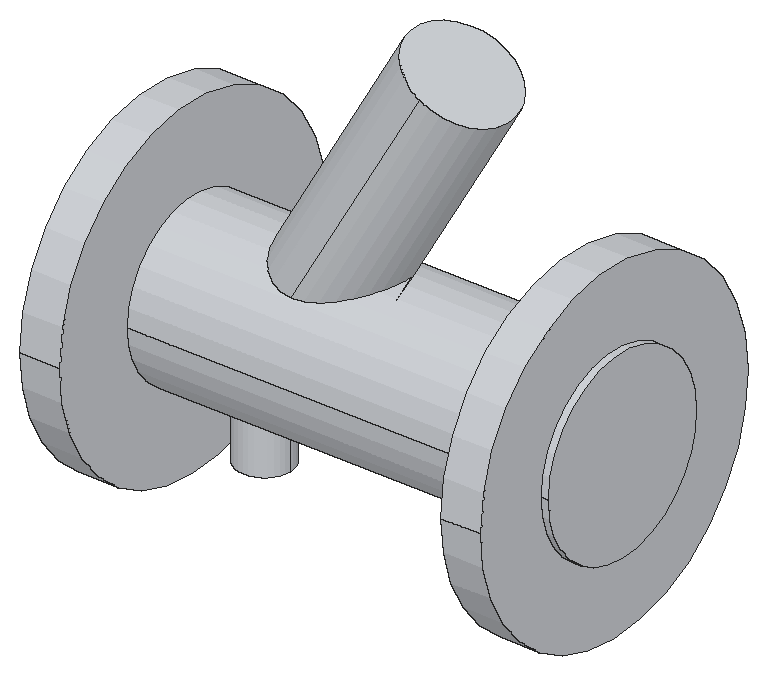
Revit family "HS 821-síto_standard-PN40-DN020-RFA_2018", category Pipe Accessories, Revit 2018
Family settings
  Round Connector Dimension = Use Diameter
  Part Type = Breaks Into
  Work Plane-Based = No
  Always vertical = Yes
  Cut with Voids When Loaded = No
  Shared = No
Parameters (values of type "821F-DN020-PN40-síto_standard")
  magiProductId = "aaac5f1ec96b44d6ba96ac2293d66d"
  magiProductFamilyId = "79214ac3aaa945e397802f559f5c1e"
  magiPartTypeId = 307
  isMeasuringValve [instance] = no
  ang2D [instance] = 0.00°
  ZB__ve = -ZB  # -17.75 mm
  ZB1 = 23.49 mm
  ZB = 17.75 mm
  X2 = 51.673 mm
  X1 = 21 mm
  W2D = 15 mm
  VersionID = "2.0/2017.9.26.1/ZETKAMA_821_001"
  Use Minimum Symbol Size [instance] = yes
  URL = "www.hydronic.cz"
  Type Comments = "Filtr přírubový; síto standardní; A-PN16 (-10~300°C); D-PN25 (-10~350°C); F-PN40 (-10~400°C)"
  S = 58 mm
  QmdConnectorList = "301;D;302;D"
  Productdata [instance] = ""
  Manufacturer = "Hydronic Systems Prague s.r.o."
  MC Product Code = "240 620 (821F; DN020; PN40; kvs11,2; oko síta 1,00mm)"
  LM1 = 12 mm
  LM = 120 mm
  L4 = 37.5 mm
  L2D_Min = 3048 mm
  L2D = 130 mm
  L2 = 75 mm
  HH2 = 89.5 mm
  FD = 105 mm
  Description = "Filtr přírubový; síto standardní; 821A-PN16; 821D-PN25; 821F-PN40"
  DM1 = 33.6 mm
  DM = 52.2 mm
  D = 20 mm
  CC = 2.55 mm
  CAT0 = yes
  C1 = 12.45 mm
  C = 15 mm
  BD = 16.443 mm
Types (40, lengths in mm): name | magiProductId | ZB__ve | ZB1 | ZB | X2 | X1 | S | MC Product Code | LM1 | LM | L4 | L2 | HH2 | FD | DM1 | DM | D | CC | C1 | C | BD
  821A-DN015-PN16-síto_standard | "a71bcfe8b393460598b23e8ddf7dc5" | -16.25 | 18.63 | 16.25 | 46.982 | 18.2 | 46 | "200 115 (821A; DN015; PN16; kvs6,3; oko síta 1,00mm)" | 10.4 | 104 | 32.5 | 65 | 81.375 | 95 | 27.6 | 41.4 | 15 | 2.21 | 10.79 | 13 | 13.041
  821A-DN020-PN16-síto_standard | "41cd6c7a12924f4991217528336076" | -17.75 | 22.68 | 17.75 | 51.673 | 21 | 56 | "200 120 (821A; DN020; PN16; kvs11,2; oko síta 1,00mm)" | 12 | 120 | 37.5 | 75 | 89.5 | 105 | 33.6 | 50.4 | 20 | 2.55 | 12.45 | 15 | 15.876
  821A-DN025-PN16-síto_standard | "be378b463ed14c3abf4c9b3ae8cf3a" | -19.25 | 26.325 | 19.25 | 58.601 | 22.4 | 65 | "200 125 (821A; DN025; PN16; kvs14,7; oko síta 1,00mm)" | 12.8 | 128 | 40 | 80 | 101.5 | 115 | 43.2 | 58.5 | 25 | 2.72 | 13.28 | 16 | 18.427
  821A-DN032-PN16-síto_standard | "227a0d18b21540afabe8b6067d35fa" | -23 | 30.78 | 23 | 68.849 | 25.2 | 76 | "200 132 (821A; DN032; PN16; kvs23,7; oko síta 1,00mm)" | 14.4 | 144 | 45 | 90 | 119.25 | 140 | 50.4 | 68.4 | 32 | 3.06 | 14.94 | 18 | 21.546
  821A-DN040-PN16-síto_standard | "d106917c74724141a10440112d0102" | -24.5 | 34.02 | 24.5 | 75.777 | 28 | 84 | "200 140 (821A; DN040; PN16; kvs37,7; oko síta 1,00mm)" | 16 | 160 | 50 | 100 | 131.25 | 150 | 60 | 75.6 | 40 | 3.4 | 16.6 | 20 | 23.814
  821A-DN050-PN16-síto_standard | "8255d456a09e4f6486734f5dd9171b" | -26.75 | 40.095 | 26.75 | 79.061 | 32.2 | 99 | "200 150 (821A; DN050 PN16; kvs57,9; oko síta 1,00mm)" | 18.4 | 184 | 57.5 | 115 | 136.938 | 165 | 73.8 | 89.1 | 50 | 3.91 | 19.09 | 23 | 28.066
  821A-DN065-PN16-síto_standard | "235b1b3e4c0843779a4d5e3716d40a" | -29.75 | 47.79 | 29.75 | 86.927 | 40.6 | 118 | "200 165 (821A; DN065; PN16; kvs101,5; oko síta 1,25mm)" | 23.2 | 232 | 72.5 | 145 | 150.562 | 185 | 94.2 | 106.2 | 65 | 4.93 | 24.07 | 29 | 33.453
  821A-DN080-PN16-síto_standard | "a067f7c5236348ed8c820d16df7214" | -32 | 53.46 | 32 | 104.753 | 43.4 | 132 | "200 180 (821A; DN080; PN16; kvs147,4; oko síta 1,25mm)" | 24.8 | 248 | 77.5 | 155 | 181.438 | 200 | 107.4 | 118.8 | 80 | 5.27 | 25.73 | 31 | 37.422
  821A-DN100-PN16-síto_standard | "c49a648c2747461285837d643703cd" | -35 | 63.18 | 35 | 114.857 | 49 | 156 | "200 190 (821A; DN100; PN16; kvs209,6; oko síta 1,60mm)" | 28 | 280 | 87.5 | 175 | 198.937 | 220 | 131.4 | 140.4 | 100 | 5.95 | 29.05 | 35 | 44.226
  821A-DN125-PN16-síto_standard | "bf68e728a163493cbd2a663b26ebdc" | -39.5 | 74.52 | 39.5 | 131.888 | 56 | 184 | "200 191 (821A; DN125; PN16; kvs326,2; oko síta 1,60mm)" | 32 | 320 | 100 | 200 | 228.438 | 250 | 165 | 165.6 | 125 | 6.8 | 33.2 | 40 | 52.164
  821A-DN150-PN16-síto_standard | "2de770284b654863ae6bc865769dc5" | -44.75 | 85.455 | 44.75 | 155.885 | 67.2 | 211 | "200 192 (821A; DN150; PN16; kvs403; oko síta 1,60mm)" | 38.4 | 384 | 120 | 240 | 270 | 285 | 192 | 189.9 | 150 | 8.16 | 39.84 | 48 | 59.818
  821A-DN200-PN16-síto_standard | "8e5693371ab64aabb29a7f08c76e15" | -53 | 107.73 | 53 | 188.361 | 84 | 266 | "200 193 (821A; DN200; PN16; kvs707; oko síta 1,60mm)" | 48 | 480 | 150 | 300 | 326.25 | 340 | 252 | 239.4 | 200 | 10.2 | 49.8 | 60 | 75.411
  821A-DN250-PN16-síto_standard | "05e37ed948c34047acdd4c42556504" | -62.75 | 129.195 | 62.75 | 255.911 | 102.2 | 319 | "200 194 (821A; DN250; PN16; kvs1234; oko síta 1,60mm)" | 58.4 | 584 | 182.5 | 365 | 443.25 | 405 | 309.6 | 287.1 | 250 | 12.41 | 60.59 | 73 | 90.436
  821A-DN300-PN16-síto_standard | "9ad0af747269428da925480d83ce80" | -71 | 149.85 | 71 | 325.914 | 119 | 370 | "200 195 (821A; DN300; PN16; kvs1916; oko síta 1,60mm)" | 68 | 680 | 212.5 | 425 | 564.5 | 460 | 369.6 | 333 | 300 | 14.45 | 70.55 | 85 | 104.895
  821A-DN350-PN16-síto_standard | "eebc71459bb3451bb4355e7951370a" | -80 | 173.745 | 80 | 356.875 | 137.2 | 429 | "200 196 (821A; DN350; PN16; kvs2621; oko síta 1,60mm)" | 78.4 | 784 | 245 | 490 | 618.125 | 520 | 438 | 386.1 | 350 | 16.66 | 81.34 | 98 | 121.621
  821A-DN400-PN16-síto_standard | "d2f677cb196647e385b2590e7d8abe" | -89 | 194.4 | 89 | 392.237 | 154 | 480 | "200 197 (821A; DN400; PN16; kvs3460; oko síta 1,60mm)" | 88 | 880 | 275 | 550 | 679.375 | 580 | 498 | 432 | 400 | 18.7 | 91.3 | 110 | 136.08
  821D-DN015-PN25-síto_standard | "27ddcbf555414f8ca1fde329bf9087" | -16.25 | 18.63 | 16.25 | 46.982 | 18.2 | 46 | "200 215 (821D; DN015; PN25; kvs6,3; oko síta 1,00mm)" | 10.4 | 104 | 32.5 | 65 | 81.375 | 95 | 27.6 | 41.4 | 15 | 2.21 | 10.79 | 13 | 13.041
  821D-DN020-PN25-síto_standard | "270e0f14012f47189cd0235c18faee" | -17.75 | 22.68 | 17.75 | 51.673 | 21 | 56 | "200 220 (821D; DN020; PN25; kvs11,2; oko síta 1,00mm)" | 12 | 120 | 37.5 | 75 | 89.5 | 105 | 33.6 | 50.4 | 20 | 2.55 | 12.45 | 15 | 15.876
  821D-DN025-PN25-síto_standard | "b9a7fb4aa36643878c637d8e1ab992" | -19.25 | 26.325 | 19.25 | 58.601 | 22.4 | 65 | "200 225 (821D; DN025; PN25; kvs14,7; oko síta 1,00mm)" | 12.8 | 128 | 40 | 80 | 101.5 | 115 | 43.2 | 58.5 | 25 | 2.72 | 13.28 | 16 | 18.427
  821D-DN032-PN25-síto_standard | "6be9a55c4e68400f94eec7e804204c" | -23 | 30.78 | 23 | 68.849 | 25.2 | 76 | "200 232 (821D; DN032; PN25; kvs23,7; oko síta 1,00mm)" | 14.4 | 144 | 45 | 90 | 119.25 | 140 | 50.4 | 68.4 | 32 | 3.06 | 14.94 | 18 | 21.546
  821D-DN040-PN25-síto_standard | "c54511bd7f584ec2984291479612cb" | -24.5 | 34.02 | 24.5 | 75.777 | 28 | 84 | "200 240 (821D; DN040; PN25; kvs37,7; oko síta 1,00mm)" | 16 | 160 | 50 | 100 | 131.25 | 150 | 60 | 75.6 | 40 | 3.4 | 16.6 | 20 | 23.814
  821D-DN050-PN25-síto_standard | "5483b1f596b04cd39b23a14a22c90e" | -26.75 | 40.095 | 26.75 | 79.061 | 32.2 | 99 | "200 250 (821D; DN050; PN25; kvs57,9; oko síta 1,00mm)" | 18.4 | 184 | 57.5 | 115 | 136.938 | 165 | 73.8 | 89.1 | 50 | 3.91 | 19.09 | 23 | 28.066
  821D-DN065-PN25-síto_standard | "767b0f8318e94750bc7a9930ed5b30" | -29.75 | 47.79 | 29.75 | 86.927 | 40.6 | 118 | "200 265 (821D; DN065; PN25; kvs101,5; oko síta 1,25mm)" | 23.2 | 232 | 72.5 | 145 | 150.562 | 185 | 94.2 | 106.2 | 65 | 4.93 | 24.07 | 29 | 33.453
  821D-DN080-PN25-síto_standard | "e21040fa3cc2404b858198f6b73709" | -32 | 53.46 | 32 | 104.753 | 43.4 | 132 | "200 280 (821D; DN080; PN25; kvs147,4; oko síta 1,25mm)" | 24.8 | 248 | 77.5 | 155 | 181.438 | 200 | 107.4 | 118.8 | 80 | 5.27 | 25.73 | 31 | 37.422
  821D-DN100-PN25-síto_standard | "175ca87a506b40b3bc6b82f12f33cf" | -37.25 | 63.18 | 37.25 | 114.857 | 49 | 156 | "200 290 (821D; DN100; PN25; kvs209,6; oko síta 1,60mm)" | 28 | 280 | 87.5 | 175 | 198.937 | 235 | 131.4 | 140.4 | 100 | 5.95 | 29.05 | 35 | 44.226
  821D-DN125-PN25-síto_standard | "77cc98d60da24855999a22dff726b2" | -42.5 | 74.52 | 42.5 | 131.888 | 56 | 184 | "200 291 (821D; DN125; PN25; kvs326,2; oko síta 1,60mm)" | 32 | 320 | 100 | 200 | 228.438 | 270 | 165 | 165.6 | 125 | 6.8 | 33.2 | 40 | 52.164
  821D-DN150-PN25-síto_standard | "9cf8acfcd15547d68e83172d3abcbe" | -47 | 85.455 | 47 | 155.885 | 67.2 | 211 | "200 292 (821D; DN150; PN25; kvs403; oko síta 1,60mm)" | 38.4 | 384 | 120 | 240 | 270 | 300 | 192 | 189.9 | 150 | 8.16 | 39.84 | 48 | 59.818
  821D-DN200-PN25-síto_standard | "16973f3c9ea14389ba8602495a6b64" | -56 | 110.97 | 56 | 188.361 | 84 | 274 | "200 293 (821D; DN200; PN25; kvs707; oko síta 1,60mm)" | 48 | 480 | 150 | 300 | 326.25 | 360 | 252 | 246.6 | 200 | 10.2 | 49.8 | 60 | 77.679
  821F-DN015-PN40-síto_standard | "4c7eaf3c4c0340888b3e684d8a8616" | -16.25 | 18.225 | 16.25 | 46.982 | 18.2 | 45 | "240 615 (821F; DN015; PN40; kvs6,3; oko síta 1,00mm)" | 10.4 | 104 | 32.5 | 65 | 81.375 | 95 | 27.6 | 40.5 | 15 | 2.21 | 10.79 | 13 | 12.757
  821F-DN020-PN40-síto_standard | "aaac5f1ec96b44d6ba96ac2293d66d" | -17.75 | 23.49 | 17.75 | 51.673 | 21 | 58 | "240 620 (821F; DN020; PN40; kvs11,2; oko síta 1,00mm)" | 12 | 120 | 37.5 | 75 | 89.5 | 105 | 33.6 | 52.2 | 20 | 2.55 | 12.45 | 15 | 16.443
  821F-DN025-PN40-síto_standard | "504768023968471481789485b54c7e" | -19.25 | 27.54 | 19.25 | 58.601 | 22.4 | 68 | "240 625 (821F; DN025; PN40; kvs14,7; oko síta 1,00mm)" | 12.8 | 128 | 40 | 80 | 101.5 | 115 | 43.2 | 61.2 | 25 | 2.72 | 13.28 | 16 | 19.278
  821F-DN032-PN40-síto_standard | "165e7f39cf744f329bdf1c400dad12" | -23 | 31.59 | 23 | 68.849 | 25.2 | 78 | "240 632 (821F; DN032; PN40; kvs23,7; oko síta 1,00mm)" | 14.4 | 144 | 45 | 90 | 119.25 | 140 | 50.4 | 70.2 | 32 | 3.06 | 14.94 | 18 | 22.113
  821F-DN040-PN40-síto_standard | "b8903f952089408fbf3a5a632bab1f" | -24.5 | 35.64 | 24.5 | 75.777 | 28 | 88 | "240 640 (821F; DN040; PN40; kvs37,7; oko síta 1,00mm)" | 16 | 160 | 50 | 100 | 131.25 | 150 | 60 | 79.2 | 40 | 3.4 | 16.6 | 20 | 24.948
  821F-DN050-PN40-síto_standard | "c451f97266fe48da8f879cb6a2bd44" | -26.75 | 41.31 | 26.75 | 79.061 | 32.2 | 102 | "240 650 (821F; DN050; PN40; kvs57,9; oko síta 1,00mm)" | 18.4 | 184 | 57.5 | 115 | 136.938 | 165 | 73.8 | 91.8 | 50 | 3.91 | 19.09 | 23 | 28.917
  821F-DN065-PN40-síto_standard | "dc9821e3f9b34e128f6a8c6b34c198" | -29.75 | 49.41 | 29.75 | 86.927 | 40.6 | 122 | "240 665 (821F; DN065; PN40; kvs101,5; oko síta 1,25mm)" | 23.2 | 232 | 72.5 | 145 | 150.562 | 185 | 94.2 | 109.8 | 65 | 4.93 | 24.07 | 29 | 34.587
  821F-DN080-PN40-síto_standard | "689aa1e260f84cf4994f027a1d86b5" | -32 | 55.89 | 32 | 104.753 | 43.4 | 138 | "240 680 (821F; DN080; PN40; kvs147,4; oko síta 1,25mm)" | 24.8 | 248 | 77.5 | 155 | 181.438 | 200 | 107.4 | 124.2 | 80 | 5.27 | 25.73 | 31 | 39.123
  821F-DN100-PN40-síto_standard | "8a45d4e8e2ab425f8c432f21d684f3" | -37.25 | 65.61 | 37.25 | 114.857 | 49 | 162 | "240 690 (821F; DN100; PN40; kvs209,6; oko síta 1,6mm)" | 28 | 280 | 87.5 | 175 | 198.937 | 235 | 131.4 | 145.8 | 100 | 5.95 | 29.05 | 35 | 45.927
  821F-DN125-PN40-síto_standard | "cf073904c006406b8645afa67ea2fc" | -42.5 | 76.14 | 42.5 | 131.888 | 56 | 188 | "240 691 (821F; DN125; PN40; kvs326,2; oko síta 1,6mm)" | 32 | 320 | 100 | 200 | 228.438 | 270 | 165 | 169.2 | 125 | 6.8 | 33.2 | 40 | 53.298
  821F-DN150-PN40-síto_standard | "0153b9ddabe14992a630484929fdbc" | -47 | 88.29 | 47 | 155.885 | 67.2 | 218 | "240 692 (821F; DN150; PN40; kvs403; oko síta 1,6mm)" | 38.4 | 384 | 120 | 240 | 270 | 300 | 192 | 196.2 | 150 | 8.16 | 39.84 | 48 | 61.803
  821F-DN200-PN40-síto_standard | "7fb3fc01dd8d42428c203e3f8dd4d5" | -56 | 115.425 | 56 | 188.361 | 84 | 285 | "240 693 (821F; DN200; PN40; kvs707; oko síta 1,6mm)" | 48 | 480 | 150 | 300 | 326.25 | 360 | 252 | 256.5 | 200 | 10.2 | 49.8 | 60 | 80.797
Reference planes
  plane 1 "Center (Front/Back)": y = 0
  plane 2 "XYPLANE": z = 0
  plane 3 "Center (Left/Right)": x = 0
  plane 4 "109": x = -48
  plane 5 "108": x = 60
  plane 6 "107": x = -60
  plane 7 "105": x = 75
  plane 8 "104": x = -75
  plane 9 "103": y = 0
  plane 10 "102": z = 0
  plane 11 "101": x = -72.45
  plane 12 "100": x = 72.45
  plane 13 "11": x = -27
  plane 14 "10": z = 89.5
  plane 15 "9": x = 24.673
  plane 16 "5": z = -23.49
  plane 17 "4": x = -37.5
  plane 18 "1": x = 37.5
Forms (mm)
  Extrusion 1, solid, visible <- "CAT0"
    sketch origin (-60, -750, 0) x (0, 1, 0) y (0, 0, 1)
      loop
        circle (750, 0) r 26.1
    from 0 to 120 <- "LM"
  Extrusion 2, solid
    sketch origin (-75, -750, 0) x (0, 1, 0) y (0, 0, 1)
      loop
        circle (750, 0) r 29
    from 0 to 2.55 <- "CC"
  Extrusion 3, solid
    sketch origin (-72.45, -750, 0) x (0, 1, 0) y (0, 0, 1)
      loop
        circle (750, 0) r 52.5
    from 0 to 12.45 <- "C1"
  Extrusion 4, solid
    sketch origin (60, -750, 0) x (0, 1, 0) y (0, 0, 1)
      loop
        circle (750, 0) r 52.5
    from 0 to 12.45 <- "C1"
  Extrusion 5, solid
    sketch origin (72.45, -750, 0) x (0, 1, 0) y (0, 0, 1)
      loop
        circle (750, 0) r 29
    from 0 to 2.55 <- "CC"
  Sweep 6, solid, visible <- "CAT0"
    path origin (750, 0, 0) x (-1, 0, 0) y (0, 0, 1)
      loop
        line (810, 0) -> (777, 0) -> (725.327, 89.5)
    profile origin (-60, 0, 0) x (0, 0, -1) y (0, 1, 0)
      loop
        circle (0, 0) r 16.8
  Extrusion 7, solid, visible <- "CAT0"
    sketch origin (-750, 0, -23.49) x (1, 0, 0) y (0, 1, 0)
      loop
        circle (712.5, 0) r 8.221
    from 0 to -17.75 <- "ZB__ve"
  Extrusion 8, solid, visible <- "CAT0"
    sketch origin (-750, 0, -23.49) x (1, 0, 0) y (0, 1, 0)
      loop
        circle (787.5, 0) r 8.221
    from 0 to -17.75 <- "ZB__ve"
  Extrusion 9, solid, not visible
    sketch origin (75, -750, 0) x (0, 1, 0) y (0, 0, 1)
      loop
        circle (750, 0) r 10
    from 0 to -10
  Extrusion 10, solid, not visible
    sketch origin (-75, -750, 0) x (0, 1, 0) y (0, 0, 1)
      loop
        circle (750, 0) r 10
    from 0 to 10
Lines and regions (mm)
  reference lines, not visible
    curve 1: circle (2, 2, 0) r 1 normal (0, 0, 1)
Dimensions and locks
  plane 1 "Center (Front/Back)" to curve 1 = 2 mm
  "LM1": plane 6 "107" to plane 4 "109"
  "LM": plane 6 "107" to plane 5 "108"
  "C": plane 8 "104" to plane 6 "107"
  "L2": plane 3 "Center (Left/Right)" to plane 7 "105"
  "L2": plane 3 "Center (Left/Right)" to plane 8 "104"
  locked: plane 1 "Center (Front/Back)" to plane 9 "103"
  locked: plane 2 "XYPLANE" to plane 10 "102"
  "CC": plane 8 "104" to plane 11 "101"
  "C1": plane 5 "108" to plane 12 "100"
  "X1": plane 4 "109" to plane 13 "11"
  "HH2": plane 2 "XYPLANE" to plane 14 "10"
  "X2": plane 13 "11" to plane 15 "9"
  "ZB1": plane 2 "XYPLANE" to plane 16 "5"
  "L4": plane 8 "104" to plane 17 "4"
  "L2": plane 17 "4" to plane 18 "1"
  Sweep 6 sketch curve to Sweep 6 sketch curve = 0 mm  (x2)
  "DM": diameter of Extrusion 1 sketch curve
  "S": diameter of Extrusion 2 sketch curve
  "FD": diameter of Extrusion 3 sketch curve
  "FD": diameter of Extrusion 4 sketch curve
  "S": diameter of Extrusion 5 sketch curve
  "DM1": diameter of Sweep 6 sketch curve
  "BD": diameter of Extrusion 7 sketch curve
  "BD": diameter of Extrusion 8 sketch curve
  aligned and locked: level to plane 2 "XYPLANE"
  aligned and locked: Extrusion 1 sketch curve to plane 9 "103"
  aligned and locked: plane 10 "102" to Extrusion 1 sketch curve
  aligned and locked: Extrusion 2 sketch curve to plane 9 "103"
  aligned and locked: plane 10 "102" to Extrusion 2 sketch curve
  aligned and locked: Extrusion 3 sketch curve to plane 9 "103"
  aligned and locked: plane 10 "102" to Extrusion 3 sketch curve
  aligned and locked: Extrusion 4 sketch curve to plane 9 "103"
  aligned and locked: plane 10 "102" to Extrusion 4 sketch curve
  aligned and locked: Extrusion 5 sketch curve to plane 9 "103"
  aligned and locked: plane 10 "102" to Extrusion 5 sketch curve
  aligned and locked: Sweep 6 sketch curve to plane 9 "103"
  aligned and locked: plane 10 "102" to Sweep 6 sketch curve  (x3)
  aligned and locked: plane 6 "107" to Sweep 6 sketch curve
  aligned and locked: plane 13 "11" to Sweep 6 sketch curve
  aligned and locked: plane 14 "10" to Sweep 6 sketch curve
  aligned and locked: plane 15 "9" to Sweep 6 sketch curve
  aligned and locked: plane 9 "103" to Extrusion 7 sketch curve
  aligned and locked: plane 17 "4" to Extrusion 7 sketch curve
  aligned and locked: plane 9 "103" to Extrusion 8 sketch curve
  aligned and locked: plane 18 "1" to Extrusion 8 sketch curve
  aligned and locked: Extrusion 9 sketch curve to plane 9 "103"
  aligned and locked: plane 10 "102" to Extrusion 9 sketch curve
  aligned and locked: Extrusion 10 sketch curve to plane 9 "103"
  aligned and locked: plane 10 "102" to Extrusion 10 sketch curve
Automatic sketch dimensions
  plane 1 "Center (Front/Back)" to Extrusion 9 sketch curve = 10 mm
  plane 1 "Center (Front/Back)" to Extrusion 10 sketch curve = 10 mm
  plane 3 "Center (Left/Right)" to curve 1 = 2 mm
  radius of curve 1 = 1 mm
Connectors
  piping at (-75, 0, 0), diameter 20, driven by "D"
    settings: on Extrusion 10, index 1, connector inside diameter 609.6 mm, connector length 0 mm, flow factor 0, pipe flow 0.0 L/s, pressure drop 0.0 Pa, fitting loss kfactor 0, connector angle 0.00°, fixture units 0, engagement length 0 mm, angle of deflection 0.00°, flow configuration 0, flow direction 0, fitting loss method 0, system type 29, joint type 0, gender type 0, connector reference index 2, connector utility 0, adjustable connector no, is connector primary yes, connector description ""
  piping at (75, 0, 0), diameter 20, driven by "D"
    settings: on Extrusion 9, index 2, connector inside diameter 609.6 mm, connector length 0 mm, flow factor 0, pipe flow 0.0 L/s, pressure drop 0.0 Pa, fitting loss kfactor 0, connector angle 0.00°, fixture units 0, engagement length 0 mm, angle of deflection 0.00°, flow configuration 0, flow direction 0, fitting loss method 0, system type 29, joint type 0, gender type 0, connector reference index 1, connector utility 0, adjustable connector no, is connector primary no, connector description ""
